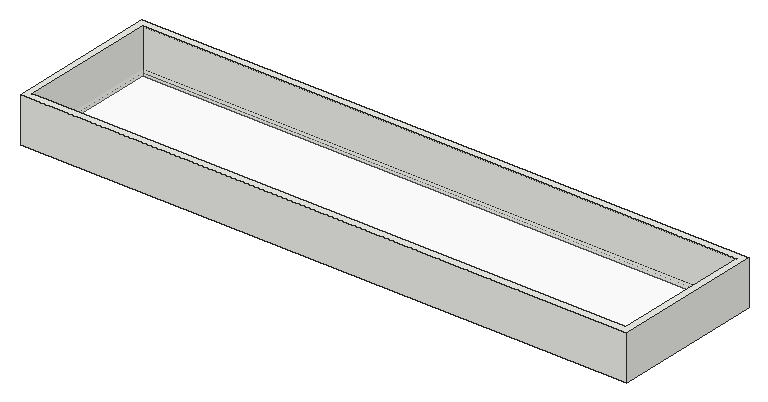
Revit family "M_Iluminação de forro - Caixa linear", category Luminárias, Revit 2019
Family settings
  Hospedeiro = Forro
  Cota do conector redondo = Utilizar diâmetro
  Tipo de parte = Normal
  Número OmniClass = 23.80.70.11.11
  Título OmniClass = General Luminaries, Non Directional
  ID de item do Seek = Ceiling Light - Linear Box-0000-CAN-ENU
  Sempre na vertical = Não
  Corte com vazios quando carregada = Não
  Fonte luminosa = Sim
  Compartilhado = Não
  Ponto de cálculo do ambiente = Não
Parameters (values of type "0300x1200 mm(1 Lâmpada) - 120V")
  Wattage = 40 W
  built-in parameter 1150110 = 1 (stored number, unit not read)
  built-in parameter 1114217 = 0.88 (stored number, unit not read)
  built-in parameter 1150109 = 1 (stored number, unit not read)
  built-in parameter 1150134 = 8
  built-in parameter 1150113 = 1 (stored number, unit not read)
  built-in parameter 1150115 = 1 (stored number, unit not read)
  built-in parameter 1150105 = 1002.7 (stored number, unit not read)
  Classificação de carga = Iluminação - Unidade de interrupção
  Light Source Symbol Size = 609.6 mm
  built-in parameter 1150137 = 1
  built-in parameter 1150139 = (empty or 0)
  built-in parameter 1150112 = 1 (stored number, unit not read)
  built-in parameter 1150114 = 1 (stored number, unit not read)
  built-in parameter 1150132 = (empty or 0)
  built-in parameter 1150102 = (empty or 0)
  built-in parameter 1150138 = (empty or 0)
  built-in parameter 1150107 = 4230 (stored number, unit not read)
  built-in parameter 1150106 = 10.027 (stored number, unit not read)
  Emitir da largura do retângulo = Largura da caixa - 26 mm  # 274 mm
  Emitir do comprimento do retângulo = Comprimento da caixa - 26 mm  # 1174 mm
  Emit Shape Visible in Rendering = no
  built-in parameter 1150104 = 7.3161 (stored number, unit not read)
  Dimming Lamp Color Temperature Shift = (empty or 0)
  Color Filter = 16777215
  Voltagem do transformador = 120 V
  Transformador por número de postes = 1
  built-in parameter 1114218 = 0.88 (stored number, unit not read)
  built-in parameter 1150133 = 10 (stored number, unit not read)
  Código de montagem = "D5020210"
  Material do difusor = Vidro, Branco, Alta Luminosidade
  Lâmpada = "T-12"
  Comprimento da caixa = 1200 mm
  Material da caixa de luz = Aço, acabamento de pintura, marfim, com brilho
  Lumens = 3150 lm
  Largura da caixa = 300 mm
  Carga aparente = 40 VA
Types (8, lengths in mm): name | Wattage | built-in parameter 1150105 | built-in parameter 1150106 | Emitir da largura do retângulo | Emitir do comprimento do retângulo | built-in parameter 1150104 | Voltagem do transformador | Comprimento da caixa | Lumens | Largura da caixa | Carga aparente
  0300x1200 mm(1 Lâmpada) - 120V | 40 W | 1002.7 (stored number, unit not read) | 10.027 (stored number, unit not read) | 274 | 1174 | 7.3161 (stored number, unit not read) | 120 V | 1200 | 3150 lm | 300 | 40 VA
  0300x1200 mm(1 Lâmpada) - 277V | 40 W | 1002.7 (stored number, unit not read) | 10.027 (stored number, unit not read) | 274 | 1174 | 7.3161 (stored number, unit not read) | 277 V | 1200 | 3150 lm | 300 | 40 VA
  0300x1200 mm(2 Lâmpadas) - 120V | 80 W | 2005.4 (stored number, unit not read) | 20.054 (stored number, unit not read) | 274 | 1174 | 7.3161 (stored number, unit not read) | 120 V | 1200 | 6300 lm | 300 | 80 VA
  0300x1200 mm(2 Lâmpadas) - 277V | 80 W | 2005.4 (stored number, unit not read) | 20.054 (stored number, unit not read) | 274 | 1174 | 7.3161 (stored number, unit not read) | 120 V | 1200 | 6300 lm | 300 | 80 VA
  0600x0600 mm(2 Lâmpadas) - 120V | 40 W | 827.61 (stored number, unit not read) | 8.2761 (stored number, unit not read) | 574 | 574 | 6.0387 (stored number, unit not read) | 120 V | 600 | 2600 lm | 600 | 40 VA
  0600x0600 mm(2 Lâmpadas) - 277V | 40 W | 827.61 (stored number, unit not read) | 8.2761 (stored number, unit not read) | 574 | 574 | 6.0387 (stored number, unit not read) | 120 V | 600 | 2600 lm | 600 | 40 VA
  0600x1200 mm(2 Lâmpadas) - 120V | 80 W | 1655.2 (stored number, unit not read) | 16.552 (stored number, unit not read) | 574 | 1174 | 6.0387 (stored number, unit not read) | 120 V | 1200 | 5200 lm | 600 | 80 VA
  0600x1200 mm(2 Lâmpadas) - 277V | 80 W | 1655.2 (stored number, unit not read) | 16.552 (stored number, unit not read) | 574 | 1174 | 6.0387 (stored number, unit not read) | 277 V | 1200 | 5200 lm | 600 | 80 VA
Reference planes
  plane 1 "Eixo de origem da luz": y = 0
  plane 2 "Forro": z = 2438.4
  plane 3 "Eixo de origem da luz": x = 0
  plane 4 "Elevação da origem da luz": z = 2387.6
  plane 5: x = -600
  plane 6: x = 600
  plane 7: y = 150
  plane 8: y = -150
  plane 9: z = 2349.5
  plane 10: z = 2355.85
  plane 11: z = 2362.2
Forms (mm)
  Extrusion 1, solid, material "Aço, acabamento de pintura, marfim, com brilho" <- "Material da caixa de luz"
    sketch origin (0, 0, 2438.4) x (1, 0, 0) y (0, 1, 0)
      loop
        line (-600, 150) -> (-600, -150) -> (600, -150) -> (600, 150) -> (-600, 150)
      loop
        line (-587.3, 137.3) -> (-587.3, -137.3) -> (587.3, -137.3) -> (587.3, 137.3) -> (-587.3, 137.3)
    from 0 to -88.9
  Extrusion 2, solid, material "Vidro, Branco, Alta Luminosidade" <- "Material do difusor"
    sketch origin (0, 0, 2438.4) x (1, 0, 0) y (0, 1, 0)
      loop
        line (-587.3, 137.3) -> (-587.3, -137.3) -> (587.3, -137.3) -> (587.3, 137.3) -> (-587.3, 137.3)
    from -82.55 to -76.2
Lines and regions (mm)
  symbolic lines
    curve 1: line (-600, 150, 2438.4) -> (600, 150, 2438.4)
    curve 2: line (-600, -150, 2438.4) -> (-600, 150, 2438.4)
    curve 3: line (600, -150, 2438.4) -> (-600, -150, 2438.4)
    curve 4: line (600, 150, 2438.4) -> (600, -150, 2438.4)
Dimensions and locks
  equal spacing: host sketch curve, plane 3 "Eixo de origem da luz", host sketch curve
  equal spacing: host sketch curve, plane 1 "Eixo de origem da luz", host sketch curve
  host sketch curve to host sketch curve = 3048 mm  (x2)
  "Comprimento da caixa": plane 5 to plane 6
  equal spacing: plane 8, plane 1 "Eixo de origem da luz", plane 7
  "Largura da caixa": plane 8 to plane 7
  equal spacing: plane 5, plane 3 "Eixo de origem da luz", plane 6
  locked: plane 2 "Forro" to plane 9 at 88.9
  plane 11 to plane 10 to plane 9 = 6.35 mm locked, 6.35 mm locked
  aligned and locked: plane 2 "Forro" to Extrusion 1
  aligned and locked: plane 10 to Extrusion 2
  aligned and locked: Extrusion 2 to plane 11
  aligned and locked: plane 3 "Eixo de origem da luz" to imposter light
  aligned and locked: plane 1 "Eixo de origem da luz" to imposter light
  aligned and locked: plane 4 "Elevação da origem da luz" to imposter light
Automatic sketch dimensions
  Extrusion 1 sketch curve to plane 5 = 0 mm
  Extrusion 1 sketch curve to plane 6 = 0 mm
  Extrusion 1 sketch curve to plane 8 = 0 mm
  Extrusion 1 sketch curve to plane 7 = 0 mm
  Extrusion 1 sketch curve to plane 5 = 12.7 mm
  plane 6 to Extrusion 1 sketch curve = 12.7 mm
  Extrusion 1 sketch curve to Extrusion 1 sketch curve = 12.7 mm  (x2)
  curve 2 to plane 5 = 0 mm
  curve 1 to plane 6 = 0 mm
  curve 4 to plane 8 = 0 mm
  curve 1 to plane 7 = 0 mm
  Extrusion 2 sketch curve to plane 5 = 12.7 mm
  plane 6 to Extrusion 2 sketch curve = 12.7 mm
  Extrusion 2 sketch curve to plane 8 = 12.7 mm
  plane 7 to Extrusion 2 sketch curve = 12.7 mm
Connectors
  electrical at (0, 0, 2355.85), driven by "Carga aparente", driven by "Voltagem do transformador", driven by "Transformador por número de postes", driven by "Classificação de carga"
    settings: on Extrusion 2, index 1, voltage 120 V, apparent load 0 VA, apparent load phase1 40 VA, apparent load phase2 0 VA, apparent load phase3 0 VA, power factor 0.95, load classification "Iluminação - Unidade de interrupção", number of poles 1, system type 31, power factor state 1, is connector primary yes, connector utility no, sub classification motor no, connector description ""
